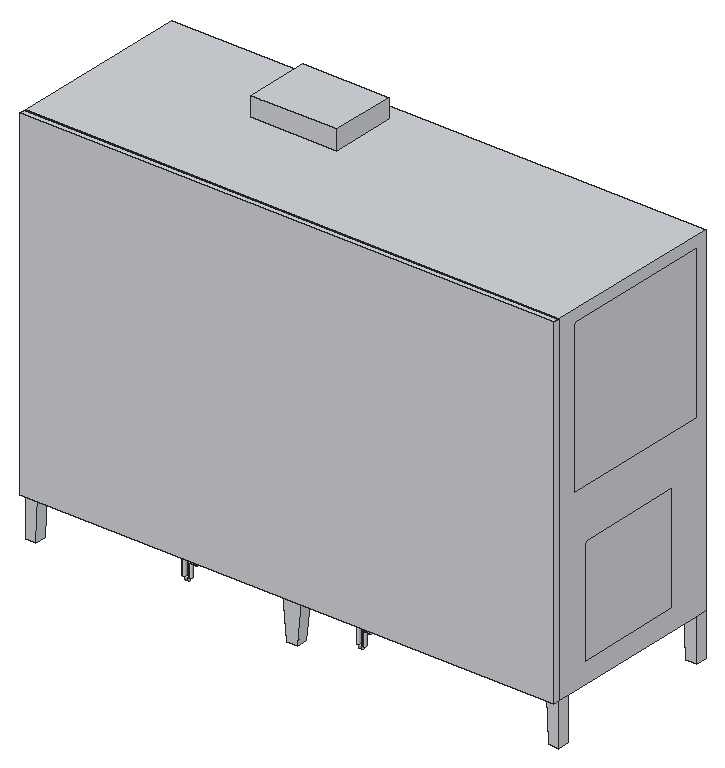
Revit family "AHU 7 _7", category Mechanické zařízení, Revit 2018
Family settings
  Kóta kulaté spojky = Použít průměr
  Typ dílu = Normální
  Číslo OmniClass = 23.75.00.00
  Nadpis OmniClass = Climate Control (HVAC)
  Založené na pracovní rovině = Ne
  Vždy vertikální = Ano
  Ořezat dutým tvarem při načtení = Ne
  Sdílené = Ne
  Bod výpočtu místnosti = Ne
Parameters (values of type "DUPLEXVENT 4500 Multi Eco")
  Width [instance] = 0.885 mm
  Weight [instance] = 420.00 kg
  URL = ""
  Type [instance] = "DUPLEXVENT 4500 Multi Eco"
  Total_SFP [instance] = 0
  Supply_outlet_hum [instance] = 90
  Supply_inlet_hum [instance] = 90
  Supply_ext_pressure [instance] = 0.0 Pa
  Supply_SFP [instance] = 0
  Source_adu_file [instance] = ""
  Recuperation_type [instance] = "Plate heat recovery exchanger"
  Recuperation_efficiency_EN308 [instance] = 0
  Project_name [instance] = ""
  Project_date [instance] = "10.8.2023"
  Power_supply_fusing [instance] = "0"
  Power_supply_cable [instance] = "0"
  Position [instance] = "AHU 7 "
  Phases_count [instance] = 3
  Panel_thickness [instance] = 0.06 mm
  Outer_surface [instance] = "RAL 9002"
  Length [instance] = 2.5 mm
  Insulation_type [instance] = "PUR"
  Insulation_thickness [instance] = 0.05 mm
  Installation_environment [instance] = ""
  Input_power_max [instance] = 5000 W
  Inner_surface [instance] = "Pozink"
  I2 [instance] = I1  # 0.0 L/s
  Height [instance] = 1.6 mm
  Exhaust_outlet_hum [instance] = 40
  Exhaust_inlet_hum [instance] = 40
  Exhaust_ext_pressure [instance] = 0.0 Pa
  Exhaust_SFP [instance] = 0
  E1 [instance] = E2 - M1  # 0.0 L/s
  E2 [instance] = 0.0 L/s
  I1 [instance] = 0.0 L/s
  Description = ""
  M1 [instance] = 0.0 L/s
  Device_dutypoint_version [instance] = "0"
  Device_design_version [instance] = "9"
  Device_adu_id [instance] = "7"
  Current_max [instance] = 7.6 A
  Casing_mat [instance] = "painted zinc layer"
  Cable type [instance] = "CYKY 5Jx2,5"
Reference planes
  plane 1 "Střed (vpředu/vzadu)": y = 0
  plane 2 "ref": z = 0
  plane 3 "Střed (vlevo/vpravo)": x = 0
Forms (mm)
  Sweep 1, solid
    path origin (0, 0, 0) x (0, 0, 1) y (1, 0, 0)
      loop
        line (0, 0) -> (1600, 0)
    profile origin (0, 0, 0) x (1, 0, 0) y (0, 1, 0)
      loop
        line (0, 0) -> (2500, 0) -> (2500, 855) -> (0, 855) -> (0, 0)
  Sweep 2, solid
    path origin (0, 0, 0) x (0, 0, 1) y (1, 0, 0)
      loop
        line (0, 0) -> (1600, 0)
    profile origin (0, 0, 0) x (1, 0, 0) y (0, 1, 0)
      loop
        line (0, 0) -> (0, -30) -> (2500, -30) -> (2500, 0) -> (0, 0)
  Sweep 3, solid
    path origin (1, 405, 350) x (0, 1, 0) y (-1, 0, 0)
      loop
        line (0, 0) -> (0, 1)
    profile origin (1, 405, 350) x (0, -1, 0) y (0, 0, 1)
      loop
        line (-250, -250) -> (250, -250) -> (250, 250) -> (-250, 250) -> (-250, -250)
  Sweep 4, solid
    path origin (2499, 445, 1190) x (1, 0, 0) y (0, 1, 0)
      loop
        line (0, 0) -> (1, 0)
    profile origin (2499, 445, 1190) x (0, 1, 0) y (0, 0, 1)
      loop
        line (-355, 355) -> (-355, -355) -> (355, -355) -> (355, 355) -> (-355, 355)
  Sweep 5, solid
    path origin (2499, 405, 350) x (1, 0, 0) y (0, 1, 0)
      loop
        line (0, 0) -> (1, 0)
    profile origin (2499, 405, 350) x (0, 1, 0) y (0, 0, 1)
      loop
        line (-250, 250) -> (-250, -250) -> (250, -250) -> (250, 250) -> (-250, 250)
  Sweep 6, solid
    path origin (1, 485, 1190) x (0, 1, 0) y (-1, 0, 0)
      loop
        line (0, 0) -> (0, 1)
    profile origin (1, 485, 1190) x (0, -1, 0) y (0, 0, 1)
      loop
        line (-355, -355) -> (355, -355) -> (355, 355) -> (-355, 355) -> (-355, -355)
  Sweep 7, solid
    path origin (1500, 75, 0) x (0, -1, 0) y (0, 0, 1)
      loop
        line (0, 0) -> (0, -142)
    profile origin (1500, 75, 0) x (-1, 0, 0) y (0, -1, 0)
      loop
        circle (0, 0) r 8
  Sweep 8, solid
    path origin (1508, 75, -150) x (0, 0, -1) y (1, 0, 0)
      loop
        line (0, 0) -> (0, 14)
    profile origin (1508, 75, -150) x (0, 0, 1) y (0, -1, 0)
      loop
        circle (0, 0) r 8
  Sweep 9, solid
    path origin (1530, 75, -142) x (0, -1, 0) y (0, 0, 1)
      loop
        line (0, 0) -> (0, 59)
    profile origin (1530, 75, -142) x (0, 1, 0) y (-1, 0, 0)
      loop
        circle (0, 0) r 8
  Sweep 10, solid
    path origin (1538, 75, -75) x (0, 0, -1) y (1, 0, 0)
      loop
        line (0, 0) -> (0, 22)
    profile origin (1538, 75, -75) x (0, 0, 1) y (0, -1, 0)
      loop
        circle (0, 0) r 8
  Sweep 11, solid
    path origin (685, 75, 0) x (0, -1, 0) y (0, 0, 1)
      loop
        line (0, 0) -> (0, -142)
    profile origin (685, 75, 0) x (-1, 0, 0) y (0, -1, 0)
      loop
        circle (0, 0) r 8
  Sweep 12, solid
    path origin (694, 75, -150) x (0, 0, -1) y (1, 0, 0)
      loop
        line (0, 0) -> (0, 14)
    profile origin (694, 75, -150) x (0, 0, 1) y (0, -1, 0)
      loop
        circle (0, 0) r 8
  Sweep 13, solid
    path origin (716, 75, -142) x (0, -1, 0) y (0, 0, 1)
      loop
        line (0, 0) -> (0, 59)
    profile origin (716, 75, -142) x (0, 1, 0) y (-1, 0, 0)
      loop
        circle (0, 0) r 8
  Sweep 14, solid
    path origin (724, 75, -75) x (0, 0, -1) y (1, 0, 0)
      loop
        line (0, 0) -> (0, 22)
    profile origin (724, 75, -75) x (0, 0, 1) y (0, -1, 0)
      loop
        circle (0, 0) r 8
  Sweep 15, solid
    path origin (0, 0, 0) x (0, 0, 1) y (1, 0, 0)
      loop
        line (0, 0) -> (1600, 0)
    profile origin (0, 0, 0) x (1, 0, 0) y (0, 1, 0)
      loop
        line (0, -30) -> (2500, -30) -> (2500, -5) -> (0, -5) -> (0, -30)
  Sweep 16, solid
    path origin (25, 50, 0) x (1, 0, 0) y (0, 1, 0)
      loop
        line (0, 0) -> (0, -50)
    profile origin (25, 50, 0) x (1, 0, 0) y (0, 0, 1)
      loop
        line (-25, 0) -> (-25, -200) -> (25, -200) -> (35, 0) -> (-25, 0)
  Sweep 17, solid
    path origin (2475, 50, 0) x (1, 0, 0) y (0, 1, 0)
      loop
        line (0, 0) -> (0, -50)
    profile origin (2475, 50, 0) x (1, 0, 0) y (0, 0, 1)
      loop
        line (-35, 0) -> (-25, -200) -> (25, -200) -> (25, 0) -> (-35, 0)
  Sweep 18, solid
    path origin (25, 855, 0) x (1, 0, 0) y (0, 1, 0)
      loop
        line (0, 0) -> (0, -50)
    profile origin (25, 855, 0) x (1, 0, 0) y (0, 0, 1)
      loop
        line (-25, 0) -> (-25, -200) -> (25, -200) -> (35, 0) -> (-25, 0)
  Sweep 19, solid
    path origin (2475, 855, 0) x (1, 0, 0) y (0, 1, 0)
      loop
        line (0, 0) -> (0, -50)
    profile origin (2475, 855, 0) x (1, 0, 0) y (0, 0, 1)
      loop
        line (-35, 0) -> (-25, -200) -> (25, -200) -> (25, 0) -> (-35, 0)
  Sweep 20, solid
    path origin (1250, 50, 0) x (1, 0, 0) y (0, 1, 0)
      loop
        line (0, 0) -> (0, -50)
    profile origin (1250, 50, 0) x (1, 0, 0) y (0, 0, 1)
      loop
        line (-45, 0) -> (-25, -200) -> (25, -200) -> (45, 0) -> (-45, 0)
  Sweep 21, solid
    path origin (1250, 855, 0) x (1, 0, 0) y (0, 1, 0)
      loop
        line (0, 0) -> (0, -50)
    profile origin (1250, 855, 0) x (1, 0, 0) y (0, 0, 1)
      loop
        line (-45, 0) -> (-25, -200) -> (25, -200) -> (45, 0) -> (-45, 0)
  Sweep 22, solid
    path origin (0, 0, 1600) x (0, 0, 1) y (1, 0, 0)
      loop
        line (0, 0) -> (90, 0)
    profile origin (0, 0, 1600) x (1, 0, 0) y (0, 1, 0)
      loop
        line (675, 473) -> (1080, 473) -> (1080, 778) -> (675, 778) -> (675, 473)
  Sweep 23, solid
    path origin (675, 625, 1645) x (0, 0, -1) y (1, 0, 0)
      loop
        line (0, 0) -> (0, -1)
    profile origin (675, 625, 1645) x (0, 0, -1) y (0, -1, 0)
      loop
        circle (0, 0) r 10
Lines and regions (mm)
  model lines, style "Symbol"
    curve 1: line (1025, -30, 0) -> (1025, -30, 320)
    curve 2: line (1025, -30, 1600) -> (1025, -30, 1280)
    curve 3: line (0, -30, 800) -> (545, -30, 800)
    curve 4: line (2500, -30, 800) -> (1505, -30, 800)
    curve 5: line (545, -30, 800) -> (785, -30, 1280)
    curve 6: line (785, -30, 1280) -> (1265, -30, 1280)
    curve 7: line (1265, -30, 1280) -> (1505, -30, 800)
    curve 8: line (1505, -30, 800) -> (1265, -30, 320)
    curve 9: line (1265, -30, 320) -> (1025, -30, 320)
    curve 10: line (1025, -30, 320) -> (785, -30, 320)
    curve 11: line (785, -30, 320) -> (545, -30, 800)
    curve 12: line (2148, -30, 1314) -> (2404, -30, 1270)
    curve 13: line (2148, -30, 1086) -> (2404, -30, 1130)
    curve 14: line (352, -30, 1086) -> (96, -30, 1130)
    curve 15: line (352, -30, 1314) -> (96, -30, 1270)
    curve 16: line (50, -30, 160) -> (50, -30, 640)
    curve 17: line (50, -30, 640) -> (200, -30, 640)
    curve 18: line (200, -30, 640) -> (200, -30, 160)
    curve 19: line (200, -30, 160) -> (50, -30, 160)
    curve 20: line (125, -30, 160) -> (200, -30, 400)
    curve 21: line (125, -30, 640) -> (200, -30, 400)
    curve 22: line (2450, -30, 640) -> (2450, -30, 160)
    curve 23: line (2450, -30, 160) -> (2300, -30, 160)
    curve 24: line (2300, -30, 160) -> (2300, -30, 640)
    curve 25: line (2300, -30, 640) -> (2450, -30, 640)
    curve 26: line (2375, -30, 640) -> (2300, -30, 400)
    curve 27: line (2375, -30, 160) -> (2300, -30, 400)
    curve 28: line (698, -30, 280) -> (480, -30, 708)
    curve 29: line (480, -30, 708) -> (552, -30, 744)
    curve 30: line (552, -30, 744) -> (770, -30, 316)
    curve 31: line (770, -30, 316) -> (698, -30, 280)
    curve 32: line (567, -30, 554) -> (595, -30, 641)
    curve 33: line (655, -30, 383) -> (683, -30, 470)
    curve 34: line (0, -1180, 0) -> (0, -30, 0)
    curve 35: line (2500, -1180, 0) -> (2500, -30, 0)
    curve 36: line (0, -1180, 0) -> (2500, -1180, 0)
    curve 37: line (0, -1180, 1600) -> (0, -30, 1600)
    curve 38: line (2500, -1180, 1600) -> (2500, -30, 1600)
    curve 39: line (0, -1180, 1600) -> (2500, -1180, 1600)
    curve 40: line (0, -1180, 0) -> (0, -1180, 1600)
    curve 41: line (2500, -1180, 0) -> (2500, -1180, 1600)
    curve 42: line (0, -1180, 1400) -> (200, -1180, 1600)
    curve 43: line (0, -1180, 1200) -> (400, -1180, 1600)
    curve 44: line (0, -1180, 1000) -> (600, -1180, 1600)
    curve 45: line (0, -1180, 800) -> (800, -1180, 1600)
    curve 46: line (0, -1180, 600) -> (1000, -1180, 1600)
    curve 47: line (0, -1180, 400) -> (1200, -1180, 1600)
    curve 48: line (0, -1180, 200) -> (1400, -1180, 1600)
    curve 49: line (0, -1180, 0) -> (1600, -1180, 1600)
    curve 50: line (200, -1180, 0) -> (1800, -1180, 1600)
    curve 51: line (400, -1180, 0) -> (2000, -1180, 1600)
    curve 52: line (600, -1180, 0) -> (2200, -1180, 1600)
    curve 53: line (800, -1180, 0) -> (2400, -1180, 1600)
    curve 54: line (1000, -1180, 0) -> (2500, -1180, 1500)
    curve 55: line (1200, -1180, 0) -> (2500, -1180, 1300)
    curve 56: line (1400, -1180, 0) -> (2500, -1180, 1100)
    curve 57: line (1600, -1180, 0) -> (2500, -1180, 900)
    curve 58: line (1800, -1180, 0) -> (2500, -1180, 700)
    curve 59: line (2000, -1180, 0) -> (2500, -1180, 500)
    curve 60: line (2200, -1180, 0) -> (2500, -1180, 300)
    curve 61: line (2400, -1180, 0) -> (2500, -1180, 100)
    curve 62: line (2500, -1180, 1400) -> (2500, -980, 1600)
    curve 63: line (2500, -1180, 1200) -> (2500, -780, 1600)
    curve 64: line (2500, -1180, 1000) -> (2500, -580, 1600)
    curve 65: line (2500, -1180, 800) -> (2500, -380, 1600)
    curve 66: line (2500, -1180, 600) -> (2500, -180, 1600)
    curve 67: line (2500, -1180, 400) -> (2500, -30, 1550)
    curve 68: line (2500, -1180, 200) -> (2500, -30, 1350)
    curve 69: line (2500, -1180, 0) -> (2500, -30, 1150)
    curve 70: line (2500, -980, 0) -> (2500, -30, 950)
    curve 71: line (2500, -780, 0) -> (2500, -30, 750)
    curve 72: line (2500, -580, 0) -> (2500, -30, 550)
    curve 73: line (2500, -380, 0) -> (2500, -30, 350)
    curve 74: line (2500, -180, 0) -> (2500, -30, 150)
    curve 75: line (0, -980, 1600) -> (200, -1180, 1600)
    curve 76: line (0, -780, 1600) -> (400, -1180, 1600)
    curve 77: line (0, -580, 1600) -> (600, -1180, 1600)
    curve 78: line (0, -380, 1600) -> (800, -1180, 1600)
    curve 79: line (0, -180, 1600) -> (1000, -1180, 1600)
    curve 80: line (50, -30, 1600) -> (1200, -1180, 1600)
    curve 81: line (250, -30, 1600) -> (1400, -1180, 1600)
    curve 82: line (450, -30, 1600) -> (1600, -1180, 1600)
    curve 83: line (650, -30, 1600) -> (1800, -1180, 1600)
    curve 84: line (850, -30, 1600) -> (2000, -1180, 1600)
    curve 85: line (1050, -30, 1600) -> (2200, -1180, 1600)
    curve 86: line (1250, -30, 1600) -> (2400, -1180, 1600)
    curve 87: line (1450, -30, 1600) -> (2500, -1080, 1600)
    curve 88: line (1650, -30, 1600) -> (2500, -880, 1600)
    curve 89: line (1850, -30, 1600) -> (2500, -680, 1600)
    curve 90: line (2050, -30, 1600) -> (2500, -480, 1600)
    curve 91: line (2250, -30, 1600) -> (2500, -280, 1600)
    curve 92: line (2450, -30, 1600) -> (2500, -80, 1600)
    curve 93: line (0, 0, 2320) -> (0, 0, 1600)
    curve 94: line (2500, 0, 2320) -> (2500, 0, 1600)
    curve 95: line (0, 0, 2320) -> (2500, 0, 2320)
    curve 96: line (0, 855, 2320) -> (0, 855, 1600)
    curve 97: line (2500, 855, 2320) -> (2500, 855, 1600)
    curve 98: line (0, 855, 2320) -> (2500, 855, 2320)
    curve 99: line (0, 0, 2320) -> (0, 855, 2320)
    curve 100: line (2500, 0, 2320) -> (2500, 855, 2320)
    curve 101: line (0, 655, 2320) -> (200, 855, 2320)
    curve 102: line (0, 455, 2320) -> (400, 855, 2320)
    curve 103: line (0, 255, 2320) -> (600, 855, 2320)
    curve 104: line (0, 55, 2320) -> (800, 855, 2320)
    curve 105: line (145, 0, 2320) -> (1000, 855, 2320)
    curve 106: line (345, 0, 2320) -> (1200, 855, 2320)
    curve 107: line (545, 0, 2320) -> (1400, 855, 2320)
    curve 108: line (745, 0, 2320) -> (1600, 855, 2320)
    curve 109: line (945, 0, 2320) -> (1800, 855, 2320)
    curve 110: line (1145, 0, 2320) -> (2000, 855, 2320)
    curve 111: line (1345, 0, 2320) -> (2200, 855, 2320)
    curve 112: line (1545, 0, 2320) -> (2400, 855, 2320)
    curve 113: line (1745, 0, 2320) -> (2500, 755, 2320)
    curve 114: line (1945, 0, 2320) -> (2500, 555, 2320)
    curve 115: line (2145, 0, 2320) -> (2500, 355, 2320)
    curve 116: line (2345, 0, 2320) -> (2500, 155, 2320)
    curve 117: line (2500, 655, 2320) -> (2500, 855, 2120)
    curve 118: line (2500, 455, 2320) -> (2500, 855, 1920)
    curve 119: line (2500, 255, 2320) -> (2500, 855, 1720)
    curve 120: line (2500, 55, 2320) -> (2500, 775, 1600)
    curve 121: line (2500, 0, 2175) -> (2500, 575, 1600)
    curve 122: line (2500, 0, 1975) -> (2500, 375, 1600)
    curve 123: line (2500, 0, 1775) -> (2500, 175, 1600)
    curve 124: line (0, 855, 2120) -> (200, 855, 2320)
    curve 125: line (0, 855, 1920) -> (400, 855, 2320)
    curve 126: line (0, 855, 1720) -> (600, 855, 2320)
    curve 127: line (80, 855, 1600) -> (800, 855, 2320)
    curve 128: line (280, 855, 1600) -> (1000, 855, 2320)
    curve 129: line (480, 855, 1600) -> (1200, 855, 2320)
    curve 130: line (680, 855, 1600) -> (1400, 855, 2320)
    curve 131: line (880, 855, 1600) -> (1600, 855, 2320)
    curve 132: line (1080, 855, 1600) -> (1800, 855, 2320)
    curve 133: line (1280, 855, 1600) -> (2000, 855, 2320)
    curve 134: line (1480, 855, 1600) -> (2200, 855, 2320)
    curve 135: line (1680, 855, 1600) -> (2400, 855, 2320)
    curve 136: line (1880, 855, 1600) -> (2500, 855, 2220)
    curve 137: line (2080, 855, 1600) -> (2500, 855, 2020)
    curve 138: line (2280, 855, 1600) -> (2500, 855, 1820)
    curve 139: line (2480, 855, 1600) -> (2500, 855, 1620)
    curve 140: line (0, 855, -200) -> (0, 855, 0)
    curve 141: line (2500, 855, -200) -> (2500, 855, 0)
    curve 142: line (0, 855, -200) -> (2500, 855, -200)
    curve 143: line (0, 0, -200) -> (0, 0, 0)
    curve 144: line (2500, 0, -200) -> (2500, 0, 0)
    curve 145: line (0, 0, -200) -> (2500, 0, -200)
    curve 146: line (0, 855, -200) -> (0, 0, -200)
    curve 147: line (2500, 855, -200) -> (2500, 0, -200)
    curve 148: line (0, 200, -200) -> (200, 0, -200)
    curve 149: line (0, 400, -200) -> (400, 0, -200)
    curve 150: line (0, 600, -200) -> (600, 0, -200)
    curve 151: line (0, 800, -200) -> (800, 0, -200)
    curve 152: line (145, 855, -200) -> (1000, 0, -200)
    curve 153: line (345, 855, -200) -> (1200, 0, -200)
    curve 154: line (545, 855, -200) -> (1400, 0, -200)
    curve 155: line (745, 855, -200) -> (1600, 0, -200)
    curve 156: line (945, 855, -200) -> (1800, 0, -200)
    curve 157: line (1145, 855, -200) -> (2000, 0, -200)
    curve 158: line (1345, 855, -200) -> (2200, 0, -200)
    curve 159: line (1545, 855, -200) -> (2400, 0, -200)
    curve 160: line (1745, 855, -200) -> (2500, 100, -200)
    curve 161: line (1945, 855, -200) -> (2500, 300, -200)
    curve 162: line (2145, 855, -200) -> (2500, 500, -200)
    curve 163: line (2345, 855, -200) -> (2500, 700, -200)
    curve 164: line (2500, 200, -200) -> (2500, 0, 0)
    curve 165: line (2500, 400, -200) -> (2500, 200, 0)
    curve 166: line (2500, 600, -200) -> (2500, 400, 0)
    curve 167: line (2500, 800, -200) -> (2500, 600, 0)
    curve 168: line (2500, 855, -55) -> (2500, 800, 0)
    curve 169: line (0, 0, 0) -> (200, 0, -200)
    curve 170: line (200, 0, 0) -> (400, 0, -200)
    curve 171: line (400, 0, 0) -> (600, 0, -200)
    curve 172: line (600, 0, 0) -> (800, 0, -200)
    curve 173: line (800, 0, 0) -> (1000, 0, -200)
    curve 174: line (1000, 0, 0) -> (1200, 0, -200)
    curve 175: line (1200, 0, 0) -> (1400, 0, -200)
    curve 176: line (1400, 0, 0) -> (1600, 0, -200)
    curve 177: line (1600, 0, 0) -> (1800, 0, -200)
    curve 178: line (1800, 0, 0) -> (2000, 0, -200)
    curve 179: line (2000, 0, 0) -> (2200, 0, -200)
    curve 180: line (2200, 0, 0) -> (2400, 0, -200)
    curve 181: line (2400, 0, 0) -> (2500, 0, -100)
    curve 182: line (0, -30, 0) -> (0, -30, 1600)
    curve 183: line (0, -30, 1600) -> (1120, -30, 1600)
    curve 184: line (1120, -30, 1600) -> (1120, -30, 0)
    curve 185: line (1120, -30, 0) -> (0, -30, 0)
    curve 186: line (1380, -30, 0) -> (1380, -30, 1600)
    curve 187: line (1380, -30, 1600) -> (2500, -30, 1600)
    curve 188: line (2500, -30, 1600) -> (2500, -30, 0)
    curve 189: line (2500, -30, 0) -> (1380, -30, 0)
    curve 190: line (0, -30, 0) -> (2500, -30, 0)
    curve 191: line (0, -30, 1600) -> (2500, -30, 1600)
    curve 192: line (0, -30, 0) -> (0, -30, 1600)
    curve 193: line (2500, -30, 0) -> (2500, -30, 1600)
    curve 194: line (0, -30, 0) -> (0, -5, 0)
    curve 195: line (2500, -30, 0) -> (2500, -5, 0)
    curve 196: line (0, -30, 1600) -> (0, -5, 1600)
    curve 197: line (2500, -30, 1600) -> (2500, -5, 1600)
    curve 198: circle (2260, -30, 1200) r 160 normal (0, -1, 0)
    curve 199: circle (240, -30, 1200) r 160 normal (0, -1, 0)
    curve 200: circle (581, -30, 598) r 12 normal (0, -1, 0)
    curve 201: circle (669, -30, 426) r 12 normal (0, -1, 0)
    curve 202: circle (1500, 75, 0) r 8 normal (0, 0, -1)
    curve 203: circle (1500, 75, -142) r 8 normal (0, 0, -1)
    curve 204: circle (685, 75, 0) r 8 normal (0, 0, -1)
    curve 205: circle (685, 75, -142) r 8 normal (0, 0, -1)
Dimensions and locks
  aligned and locked: level to plane 2 "ref"
Connectors
  hvac at (0, 405, 350), driven by "E1"
    settings: on Sweep 3, index 1, duct flow 0.0 L/s, flow factor 0, pres drop 0.0 Pa, loss coef 0, conn angle 0.00°, conn width 500 mm, conn height 500 mm, conn diameter 609.6 mm, duct sys type 1, conn prof type 1, flow config 1, flow direction 1, loss method 0, conn ref index -1, conn util no, is conn primary yes, conn desc ""
  hvac at (2500, 445, 1190), driven by "E2"
    settings: on Sweep 4, index 2, duct flow 0.0 L/s, flow factor 1, pres drop 0.0 Pa, loss coef 0, conn angle 0.00°, conn width 710 mm, conn height 710 mm, conn diameter 609.6 mm, duct sys type 1, conn prof type 1, flow config 2, flow direction 2, loss method 0, conn ref index -1, conn util no, is conn primary no, conn desc ""
  hvac at (2500, 405, 350), driven by "I1"
    settings: on Sweep 5, index 3, duct flow 0.0 L/s, flow factor 1, pres drop 0.0 Pa, loss coef 0, conn angle 0.00°, conn width 500 mm, conn height 500 mm, conn diameter 609.6 mm, duct sys type 3, conn prof type 1, flow config 2, flow direction 1, loss method 0, conn ref index -1, conn util no, is conn primary no, conn desc ""
  hvac at (0, 485, 1190), driven by "I2"
    settings: on Sweep 6, index 4, duct flow 0.0 L/s, flow factor 0, pres drop 0.0 Pa, loss coef 0, conn angle 0.00°, conn width 710 mm, conn height 710 mm, conn diameter 609.6 mm, duct sys type 3, conn prof type 1, flow config 1, flow direction 2, loss method 0, conn ref index -1, conn util no, is conn primary no, conn desc ""
  piping at (1560, 75, -75), diameter 40
    settings: on Sweep 10, index 5, connector inside diameter 609.6 mm, connector length 0 mm, flow factor 0, pipe flow 0.0 L/s, pressure drop 0.0 Pa, fitting loss kfactor 0, connector angle 0.00°, fixture units 0, engagement length 0 mm, angle of deflection 0.00°, flow configuration 1, flow direction 2, fitting loss method 0, system type 16, joint type 0, gender type 0, connector reference index -1, connector utility 0, adjustable connector no, is connector primary yes, connector description ""
  piping at (746, 75, -75), diameter 40
    settings: on Sweep 14, index 6, connector inside diameter 609.6 mm, connector length 0 mm, flow factor 0, pipe flow 0.0 L/s, pressure drop 0.0 Pa, fitting loss kfactor 0, connector angle 0.00°, fixture units 0, engagement length 0 mm, angle of deflection 0.00°, flow configuration 1, flow direction 2, fitting loss method 0, system type 16, joint type 0, gender type 0, connector reference index -1, connector utility 0, adjustable connector no, is connector primary no, connector description ""
  electrical at (674, 625, 1645)
    settings: on Sweep 23, index 7, voltage 400 V, apparent load 0 VA, apparent load phase1 0 VA, apparent load phase2 0 VA, apparent load phase3 0 VA, power factor 1, load classification "Další", number of poles 3, system type 31, power factor state 1, is connector primary yes, connector utility no, sub classification motor no, connector description ""
